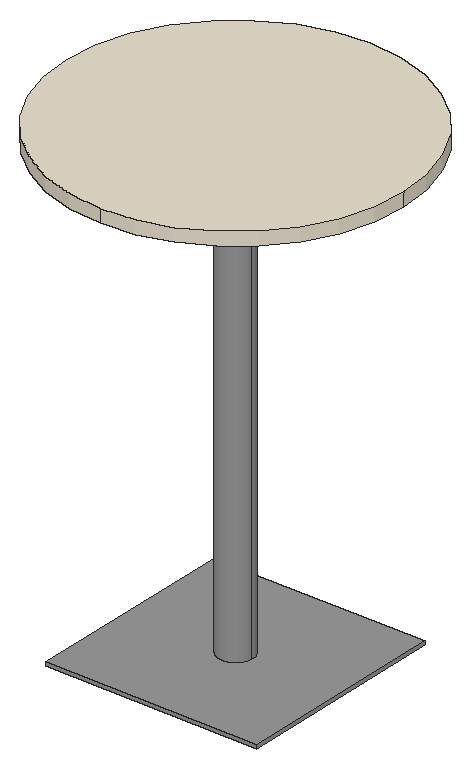
Revit family "FU_Table_Sandler_580AT-XT", category Furniture, Revit 2020
Family settings
  OmniClass Number = 23.40.20.00
  OmniClass Title = General Furniture and Specialties
  Work Plane-Based = No
  Always vertical = Yes
  Cut with Voids When Loaded = No
  Shared = No
  Room Calculation Point = No
Parameters (values of type "580AT XT 32" Round (80cm)")
  Width = 500 mm
  URL = "https://www.sandlerseating.com/product/art-580at-xt/"
  Top Size = FU_TableTops_MT Rnd : 32" Round (80cm)
  Top Elevation = Height  # 1100 mm
  Top Finish [instance] = Wood - Beech - Grey Stained
  Model = "580AT XT"
  Manufacturer = "Sandler"
  Height = 1100 mm
  Frame Finish [instance] = Metal - Steel - Matt-Satin
  Description = "Table base in stainless steel."
  Depth = Width  # 500 mm
  Default Elevation = 0 mm
Types (5, lengths in mm): name | Top Size | Top Finish | Frame Finish
  (no name) | FU_TableTops_MT Rnd : 32" Round (80cm) | Wood - Beech - Grey Stained | Metal - Steel - Matt-Satin
  580AT XT 32" Square (80cm) | FU_TableTops_MT Sqr : 32" Square (80cm) | Wood - Beech - Honey Stained | Metal - Steel - Polished
  580AT XT 28" Square (70cm) | FU_TableTops_MT Sqr : 28" Square (70cm) | Wood - Beech - Grey Stained | Metal - Steel - Matt-Satin
  580AT XT 36" Round (90cm) | FU_TableTops_MT Rnd : 36" Round (90cm) | Wood - Beech - Grey Stained | Metal - Steel - Matt-Satin
  580AT XT 32" Round (80cm) | FU_TableTops_MT Rnd : 32" Round (80cm) | Wood - Beech - Grey Stained | Metal - Steel - Matt-Satin
Reference planes
  plane 1 "Center (Front/Back)": y = 0
  plane 2: z = 0
  plane 3 "Center (Left/Right)": x = 0
  plane 4 "Right": x = -250
  plane 5 "Left": x = 250
  plane 6 "Back": y = 250
  plane 7 "Front": y = -250
  plane 8 "Height": z = 1100
  plane 9 "Top Support": z = 1080
  plane 10 "Glide Height": z = 6
  plane 11 "Base height": z = 14
  plane 12 "R Pad C": x = -234
  plane 13 "B Pad C": y = 234
  plane 14 "L Pad C": x = 234
  plane 15 "F Pad C": y = -234
Forms (mm)
  Extrusion 1, solid, material "Metal - Steel - Matt-Satin" <- "Frame Finish"
    sketch origin (0, 0, 6) x (-1, 0, 0) y (0, -1, 0)
      loop
        line (250, -250) -> (250, 250) -> (-250, 250) -> (-250, -250) -> (250, -250)
    from 0 to 8
  Revolve 2, solid, material "Rubber, Black"
    sketch origin (0, 0, 0) x (1, 0, 0) y (0, 0, 1)
      loop
        line (-234, 0) -> (-234, 6) -> (-242, 6) -> (-242, 2)
        arc (-242, 2) -> (-241.414, 0.586) -> (-240, 0) r 2
        line (-240, 0) -> (-234, 0)
      axis (-234, 6) -> (-234, 0)
    angle from 0 to 360
  Revolve 3, solid, material "Rubber, Black"
    sketch origin (0, 0, 0) x (-1, 0, 0) y (0, 0, 1)
      loop
        line (-234, 0) -> (-234, 6) -> (-242, 6) -> (-242, 2)
        arc (-242, 2) -> (-241.414, 0.586) -> (-240, 0) r 2
        line (-240, 0) -> (-234, 0)
      axis (-234, 6) -> (-234, 0)
    angle from 0 to 360
  Revolve 4, solid, material "Rubber, Black"
    sketch origin (0, 0, 0) x (0, 1, 0) y (0, 0, 1)
      loop
        line (-234, 6) -> (-242, 6) -> (-242, 2)
        arc (-242, 2) -> (-241.414, 0.586) -> (-240, 0) r 2
        line (-240, 0) -> (-234, 0) -> (-234, 6)
      axis (-234, 6) -> (-234, 0)
    angle from 0 to 360
  Revolve 5, solid, material "Rubber, Black"
    sketch origin (0, 0, 0) x (0, -1, 0) y (0, 0, 1)
      loop
        line (-234, 6) -> (-242, 6) -> (-242, 2)
        arc (-242, 2) -> (-241.414, 0.586) -> (-240, 0) r 2
        line (-240, 0) -> (-234, 0) -> (-234, 6)
      axis (-234, 6) -> (-234, 0)
    angle from 0 to 360
  Extrusion 6, solid, material "Metal - Steel - Matt-Satin" <- "Frame Finish"
    sketch origin (0, 0, 6) x (-1, 0, 0) y (0, -1, 0)
      loop
        circle (0, 0) r 40
    from 0 to 1074
Dimensions and locks
  equal spacing: plane 4 "Right", plane 3 "Center (Left/Right)", plane 5 "Left"
  "Width": plane 4 "Right" to plane 5 "Left"
  equal spacing: plane 6 "Back", plane 1 "Center (Front/Back)", plane 7 "Front"
  "Depth": plane 6 "Back" to plane 7 "Front"
  "Height": plane 8 "Height" to level
  locked: plane 8 "Height" to plane 9 "Top Support" at 20
  locked: plane 4 "Right" to plane 12 "R Pad C" at 16
  plane 14 "L Pad C" to plane 5 "Left" = 16 mm
  locked: plane 6 "Back" to plane 13 "B Pad C" at 16
  locked: plane 15 "F Pad C" to plane 7 "Front" at 16
  aligned and locked: level to plane 2
  aligned and locked: plane 11 "Base height" to Extrusion 1
  aligned and locked: Extrusion 1 to plane 11 "Base height"  (x3)
  aligned and locked: plane 8 "Height" to nested 1
  aligned and locked: Extrusion 6 to plane 10 "Glide Height"
  aligned and locked: plane 9 "Top Support" to Extrusion 6
  aligned and locked: Extrusion 1 sketch curve to plane 6 "Back"
  aligned and locked: Extrusion 1 sketch curve to plane 4 "Right"
  aligned and locked: plane 7 "Front" to Extrusion 1 sketch curve
  aligned and locked: plane 5 "Left" to Extrusion 1 sketch curve
Automatic sketch dimensions
  Revolve 2 sketch curve to plane 10 "Glide Height" = 0 mm
  Revolve 2 sketch curve to level = 0 mm
  plane 12 "R Pad C" to Revolve 2 sketch curve = 0 mm  (x2)
  Revolve 2 sketch curve to Revolve 2 sketch curve = 6 mm
  Revolve 2 sketch curve to Revolve 2 sketch curve = 2 mm
  Revolve 2 sketch curve to level = 10.049 mm
  Revolve 2 sketch curve to plane 11 "Base height" = 2.095 mm
  Revolve 3 sketch curve to plane 10 "Glide Height" = 0 mm
  Revolve 3 sketch curve to level = 0 mm
  Revolve 3 sketch curve to plane 14 "L Pad C" = 0 mm  (x2)
  Revolve 3 sketch curve to Revolve 3 sketch curve = 6 mm
  Revolve 3 sketch curve to Revolve 3 sketch curve = 2 mm
  level to Revolve 3 sketch curve = 10.049 mm
  plane 11 "Base height" to Revolve 3 sketch curve = 2.095 mm
  Revolve 4 sketch curve to plane 10 "Glide Height" = 0 mm
  Revolve 4 sketch curve to level = 0 mm
  Revolve 4 sketch curve to plane 15 "F Pad C" = 0 mm  (x2)
  level to Revolve 4 sketch curve = 2 mm
  plane 15 "F Pad C" to Revolve 4 sketch curve = 6 mm
  Revolve 4 sketch curve to level = 5.787 mm
  Revolve 4 sketch curve to plane 11 "Base height" = 1.201 mm
  Revolve 5 sketch curve to plane 10 "Glide Height" = 0 mm
  Revolve 5 sketch curve to level = 0 mm
  Revolve 5 sketch curve to plane 13 "B Pad C" = 0 mm  (x2)
  Revolve 5 sketch curve to level = 2 mm
  Revolve 5 sketch curve to plane 13 "B Pad C" = 6 mm
  Revolve 5 sketch curve to Revolve 5 sketch curve = 5.787 mm
  plane 11 "Base height" to Revolve 5 sketch curve = 1.201 mm
  plane 1 "Center (Front/Back)" to Extrusion 6 sketch curve = 0 mm
  Extrusion 6 sketch curve to plane 3 "Center (Left/Right)" = 0 mm
  radius of Extrusion 6 sketch curve = 40 mm
Nested families
  nested 1: "MT Top Support" at (0, 0, 380), Frame Finish <- "Frame Finish", type "MT Top Support"
    with Frame Finish Metal - Steel - Matt-Satin
  nested 2: "FU_TableTops_MT Rnd" at (0, 0, 0), type <- "Top Size", Top Elevation <- "Top Elevation", Top Finish <- "Top Finish", type "32" Round (80cm)"
    with Top Finish Wood - Beech - Grey Stained, Top Elevation 1100 mm
Definition of nested family "MT Top Support"
  Parameters (values of type "MT Top Support")
    Frame Finish [instance] = none
    Default Elevation = 0 mm
  Reference planes
    plane 1 "Center (Front/Back)": y = 0
    plane 2: z = 0
    plane 3 "Center (Left/Right)": x = 0
    plane 4 "Right": x = -210
    plane 5 "Left": x = 210
    plane 6 "Back": y = 210
    plane 7 "Front": y = -210
    plane 8 "Height": z = 720
    plane 9: z = 700
  Forms (mm)
    Extrusion 1, solid, material <- "Frame Finish"
      sketch origin (0, 0, 700) x (-1, 0, 0) y (0, -1, 0)
        loop
          line (48, 44.024) -> (119.736, 115.76)
          arc (119.736, 115.76) -> (116.918, 118.6) -> (114.032, 121.37) r 166.741
          line (114.032, 121.37) -> (40.38, 47.718) -> (-40.38, 47.718) -> (-114.032, 121.37)
          arc (-114.032, 121.37) -> (-116.918, 118.6) -> (-119.736, 115.76) r 166.741
          line (-119.736, 115.76) -> (-48, 44.024) -> (-48, -44.024) -> (-120.014, -116.038)
          arc (-120.014, -116.038) -> (-117.202, -118.884) -> (-114.323, -121.661) r 166.741
          line (-114.323, -121.661) -> (-40.944, -48.282) -> (40.944, -48.282) -> (114.323, -121.661)
          arc (114.323, -121.661) -> (117.202, -118.884) -> (120.014, -116.038) r 166.741
          line (120.014, -116.038) -> (48, -44.024) -> (48, 44.024)
      from 0 to 15
    Extrusion 2, solid, material <- "Frame Finish"
      sketch origin (0, 0, 720) x (-1, 0, 0) y (0, -1, 0)
        loop
          arc (48, 9.198) -> (50.194, 20.46) -> (56.455, 30.074) r 30
          line (56.455, 30.074) -> (155.027, 131.809)
          arc (155.027, 131.809) -> (157.282, 137.439) -> (154.939, 143.033) r 8
          line (154.939, 143.033) -> (142.122, 155.85)
          arc (142.122, 155.85) -> (136.465, 158.193) -> (130.808, 155.85) r 8
          line (130.808, 155.85) -> (32.027, 57.069)
          arc (32.027, 57.069) -> (22.294, 50.566) -> (10.814, 48.282) r 30
          line (10.814, 48.282) -> (-10.814, 48.282)
          arc (-10.814, 48.282) -> (-22.294, 50.566) -> (-32.027, 57.069) r 30
          line (-32.027, 57.069) -> (-130.808, 155.85)
          arc (-130.808, 155.85) -> (-136.465, 158.193) -> (-142.122, 155.85) r 8
          line (-142.122, 155.85) -> (-154.939, 143.033)
          arc (-154.939, 143.033) -> (-157.282, 137.439) -> (-155.027, 131.809) r 8
          line (-155.027, 131.809) -> (-56.455, 30.074)
          arc (-56.455, 30.074) -> (-50.194, 20.46) -> (-48, 9.198) r 30
          line (-48, 9.198) -> (-48, -9.198)
          arc (-48, -9.198) -> (-50.194, -20.46) -> (-56.455, -30.074) r 30
          line (-56.455, -30.074) -> (-155.027, -131.809)
          arc (-155.027, -131.809) -> (-157.282, -137.439) -> (-154.939, -143.033) r 8
          line (-154.939, -143.033) -> (-142.122, -155.85)
          arc (-142.122, -155.85) -> (-136.465, -158.193) -> (-130.808, -155.85) r 8
          line (-130.808, -155.85) -> (-32.027, -57.069)
          arc (-32.027, -57.069) -> (-22.294, -50.566) -> (-10.814, -48.282) r 30
          line (-10.814, -48.282) -> (10.814, -48.282)
          arc (10.814, -48.282) -> (22.294, -50.566) -> (32.027, -57.069) r 30
          line (32.027, -57.069) -> (130.808, -155.85)
          arc (130.808, -155.85) -> (136.465, -158.193) -> (142.122, -155.85) r 8
          line (142.122, -155.85) -> (154.939, -143.033)
          arc (154.939, -143.033) -> (157.282, -137.439) -> (155.027, -131.809) r 8
          line (155.027, -131.809) -> (56.455, -30.074)
          arc (56.455, -30.074) -> (50.194, -20.46) -> (48, -9.198) r 30
          line (48, -9.198) -> (48, 9.198)
        loop
          line (-134.399, -141.055) -> (-124.502, -131.158)
          arc (-124.502, -131.158) -> (-124.502, -125.502) -> (-130.158, -125.502) r 3.999
          line (-130.158, -125.502) -> (-140.055, -135.399)
          arc (-140.055, -135.399) -> (-140, -141.001) -> (-134.399, -141.055) r 4
        loop
          arc (134.399, -141.055) -> (140, -141.001) -> (140.055, -135.399) r 4
          line (140.055, -135.399) -> (130.158, -125.502)
          arc (130.158, -125.502) -> (124.502, -125.502) -> (124.502, -131.158) r 3.999
          line (124.502, -131.158) -> (134.399, -141.055)
        loop
          arc (-134.399, 141.055) -> (-140, 141.001) -> (-140.055, 135.399) r 4
          line (-140.055, 135.399) -> (-130.158, 125.502)
          arc (-130.158, 125.502) -> (-124.502, 125.502) -> (-124.502, 131.158) r 3.999
          line (-124.502, 131.158) -> (-134.399, 141.055)
        loop
          line (134.399, 141.055) -> (124.502, 131.158)
          arc (124.502, 131.158) -> (124.502, 125.502) -> (130.158, 125.502) r 3.999
          line (130.158, 125.502) -> (140.055, 135.399)
          arc (140.055, 135.399) -> (140, 141.001) -> (134.399, 141.055) r 4
        loop
          circle (0, 0) r 7.5
      from -10 to 0
  Dimensions and locks
    equal spacing: plane 4 "Right", plane 3 "Center (Left/Right)", plane 5 "Left"
    plane 4 "Right" to plane 5 "Left" = 420 mm
    equal spacing: plane 6 "Back", plane 1 "Center (Front/Back)", plane 7 "Front"
    plane 6 "Back" to plane 7 "Front" = 420 mm
    plane 8 "Height" to level = 720 mm
    locked: plane 8 "Height" to plane 9 at 20
    aligned and locked: level to plane 2
  Automatic sketch dimensions
    plane 1 "Center (Front/Back)" to Extrusion 2 sketch curve = 0 mm
    Extrusion 2 sketch curve to plane 3 "Center (Left/Right)" = 0 mm
    plane 3 "Center (Left/Right)" to Extrusion 2 sketch curve = 10.814 mm  (x2)
    Extrusion 2 sketch curve to Extrusion 2 sketch curve = 21.213 mm  (x4)
    plane 1 "Center (Front/Back)" to Extrusion 2 sketch curve = 9.198 mm  (x2)
    plane 3 "Center (Left/Right)" to Extrusion 2 sketch curve = 48 mm
    Extrusion 2 sketch curve to plane 1 "Center (Front/Back)" = 30.074 mm  (x2)
    Extrusion 2 sketch curve to Extrusion 2 sketch curve = 8.455 mm  (x4)
    plane 1 "Center (Front/Back)" to Extrusion 2 sketch curve = 30.074 mm  (x2)
    Extrusion 2 sketch curve to plane 1 "Center (Front/Back)" = 9.198 mm  (x2)
    plane 5 "Left" to Extrusion 2 sketch curve = 85.498 mm  (x2)
    Extrusion 2 sketch curve to Extrusion 2 sketch curve = 2.828 mm  (x12)
    Extrusion 2 sketch curve to Extrusion 2 sketch curve = 6.306 mm  (x4)
    Extrusion 2 sketch curve to Extrusion 2 sketch curve = 9.897 mm  (x8)
    Extrusion 2 sketch curve to Extrusion 2 sketch curve = 5.657 mm  (x16)
    Extrusion 2 sketch curve to Extrusion 2 sketch curve = 2.773 mm  (x8)
    Extrusion 2 sketch curve to Extrusion 2 sketch curve = 2.883 mm  (x4)
    Extrusion 2 sketch curve to Extrusion 2 sketch curve = 9.227 mm  (x4)
    Extrusion 2 sketch curve to Extrusion 2 sketch curve = 5.745 mm  (x4)
    Extrusion 2 sketch curve to plane 3 "Center (Left/Right)" = 10.814 mm  (x2)
    Extrusion 2 sketch curve to plane 3 "Center (Left/Right)" = 48 mm
    Extrusion 2 sketch curve to plane 1 "Center (Front/Back)" = 48.282 mm
    Extrusion 2 sketch curve to Extrusion 2 sketch curve = 8.787 mm  (x4)
    Extrusion 2 sketch curve to plane 6 "Back" = 84.498 mm  (x2)
    Extrusion 2 sketch curve to Extrusion 2 sketch curve = 6.307 mm  (x4)
    Extrusion 2 sketch curve to Extrusion 2 sketch curve = 5.567 mm  (x4)
    Extrusion 2 sketch curve to Extrusion 2 sketch curve = 9.138 mm  (x4)
    plane 1 "Center (Front/Back)" to Extrusion 2 sketch curve = 48.282 mm
    plane 7 "Front" to Extrusion 2 sketch curve = 84.498 mm  (x2)
    Extrusion 1 sketch curve to Extrusion 1 sketch curve = 0 mm  (x12)
    Extrusion 1 sketch curve to plane 3 "Center (Left/Right)" = 0 mm
    plane 3 "Center (Left/Right)" to Extrusion 1 sketch curve = 40.38 mm
    plane 3 "Center (Left/Right)" to Extrusion 1 sketch curve = 40.944 mm
    Extrusion 1 sketch curve to Extrusion 1 sketch curve = 7.056 mm  (x2)
    plane 5 "Left" to Extrusion 1 sketch curve = 95.968 mm
    plane 5 "Left" to Extrusion 1 sketch curve = 95.677 mm
    Extrusion 1 sketch curve to Extrusion 1 sketch curve = 5.704 mm  (x2)
    Extrusion 1 sketch curve to Extrusion 1 sketch curve = 5.691 mm  (x2)
    Extrusion 1 sketch curve to plane 3 "Center (Left/Right)" = 40.38 mm
    Extrusion 1 sketch curve to plane 3 "Center (Left/Right)" = 40.944 mm
    Extrusion 1 sketch curve to plane 6 "Back" = 88.339 mm  (x2)
    Extrusion 1 sketch curve to Extrusion 1 sketch curve = 5.623 mm
    Extrusion 1 sketch curve to plane 1 "Center (Front/Back)" = 48.282 mm
    Extrusion 1 sketch curve to Extrusion 1 sketch curve = 4.258 mm  (x2)
    plane 1 "Center (Front/Back)" to Extrusion 1 sketch curve = 44.024 mm  (x2)
    Extrusion 1 sketch curve to Extrusion 1 sketch curve = 3.693 mm
    plane 7 "Front" to Extrusion 1 sketch curve = 94.24 mm  (x2)
    Extrusion 1 sketch curve to plane 4 "Right" = 95.968 mm
    Extrusion 1 sketch curve to plane 4 "Right" = 95.677 mm
    Extrusion 2 sketch curve to plane 4 "Right" = 85.498 mm  (x2)
    radius of Extrusion 2 sketch curve = 7.5 mm
Definition of nested family "FU_TableTops_MT Rnd"
  Parameters (values of type "36" Round (90cm)")
    Width = 900 mm
    Top Finish [instance] = none
    Top Elevation [instance] = 1100 mm
    Depth = Width  # 900 mm
    Default Elevation = 0 mm
  Types (2, lengths in mm): name | Width | Depth
    32" Round (80cm) | 800 | 800
    36" Round (90cm) | 900 | 900
  Reference planes
    plane 1 "Center (Front/Back)": y = 0
    plane 2: z = 0
    plane 3 "Center (Left/Right)": x = 0
    plane 4 "Right": x = -450
    plane 5 "Left": x = 450
    plane 6 "Back": y = 450
    plane 7 "Front": y = -450
    plane 8 "Elevation": z = 1100
    plane 9 "Top Height": z = 1131.75
  Forms (mm)
    Extrusion 1, solid, material <- "Top Finish"
      sketch origin (0, 0, 1100) x (-1, 0, 0) y (0, -1, 0)
        loop
          arc (0, -450) -> (318.198, -318.198) -> (450, 0) r 450
          arc (450, 0) -> (318.198, 318.198) -> (0, 450) r 450
          arc (0, 450) -> (-318.198, 318.198) -> (-450, 0) r 450
          arc (-450, 0) -> (-318.198, -318.198) -> (0, -450) r 450
      from 0 to 31.75
  Dimensions and locks
    equal spacing: plane 4 "Right", plane 3 "Center (Left/Right)", plane 5 "Left"
    "Width": plane 4 "Right" to plane 5 "Left"
    equal spacing: plane 6 "Back", plane 1 "Center (Front/Back)", plane 7 "Front"
    "Depth": plane 6 "Back" to plane 7 "Front"
    "Top Elevation": plane 8 "Elevation" to level
    locked: plane 9 "Top Height" to plane 8 "Elevation" at 31.75
    aligned and locked: level to plane 2
    aligned and locked: plane 9 "Top Height" to Extrusion 1
  Automatic sketch dimensions
    Extrusion 1 sketch curve to Extrusion 1 sketch curve = 0 mm  (x7)
    plane 1 "Center (Front/Back)" to Extrusion 1 sketch curve = 0 mm  (x2)
    Extrusion 1 sketch curve to plane 5 "Left" = 0 mm
    Extrusion 1 sketch curve to plane 3 "Center (Left/Right)" = 0 mm  (x3)
    Extrusion 1 sketch curve to plane 6 "Back" = 0 mm
